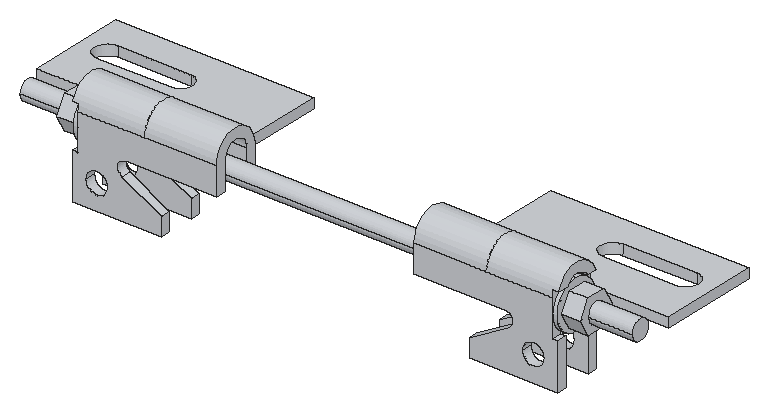
Revit family "Trägeranbindung IB vertikal, Typ D III", category HLS-Bauteile, Revit 2023
Family settings
  Bemaßung runder Anschluss = Durchmesser verwenden
  Teiletyp = Normal
  Arbeitsebenenbasiert = Ja
  Immer vertikal = Nein
  Beim Laden mit Abzugskörper schneiden = Nein
  Beschriftungsausrichtung beibehalten = Nein
  Gemeinsam genutzt = Ja
  Raumberechnungspunkt = Nein
Parameters (values of type "Trägeranbindung IB vertikal, Typ D III")
  vpe = "1"
  min. Klemmdicke = "8 mm"
  max. Klemmweite = "220 mm"
  max. Klemmstärke = 0 mm
  max Klemmdicke = 15 mm
  Default Elevation = 1219.2 mm
  Typ = "D III"
  Regelhalter [instance] = ""
  Oberflaeche = "feuerstückverzinkt"
  Mengeneinheit = "St"
  Materialname = "S235"
  Material = "Stahl"
  Länge Gewindestange = 310 mm
  Kurztext2 = "Typ D III Klemmdicke 8 - 15 mm"
  Kurztext1 = "Trägeranbindung IB C-Profil 45"
  Klemmweite Flansch min. = 100 mm
  Klemmweite Flansch max. = 220 mm
  Klemmweite Flansch [instance] = 200 mm
  Klemmweite = "100-220 mm"
  Gewindestangentyp = "M12x310"
  Gewicht pro Bauteil = Gewicht  # 1.132 kg
  Gewicht = 1.132 kg
  Firma = "MEFA Befestigungs- und Montagesysteme GmbH"
  Fabrikat = "MEFA"
  EAN = "4250928420084"
  Artikelnummer = "08146103"
  AB [instance] = Klemmweite Flansch - Klemmweite Flansch min.  # 100 mm
Reference planes
  plane 1 "Mitte (Vorne/hinten)": y = 0
  plane 2: z = 0
  plane 3 "Mitte (Links/rechts)": x = 0
  plane 4: z = 6.5
  plane 5: x = -50
  plane 6: x = 50
  plane 7: x = 100
  plane 8: x = -100
Dimensions and locks
  equal spacing: plane 6, plane 3 "Mitte (Links/rechts)", plane 5
  "AB": plane 6 to plane 5
  equal spacing: plane 8, plane 3 "Mitte (Links/rechts)", plane 7
  "Klemmweite Flansch": plane 8 to plane 7
  aligned and locked: level to plane 2
  aligned and locked: plane 1 "Mitte (Vorne/hinten)" to nested 1
  aligned and locked: plane 3 "Mitte (Links/rechts)" to nested 1
  aligned and locked: plane 4 to nested 1
  aligned and locked: level to nested 2
  aligned and locked: nested 2 to plane 5
  aligned and locked: plane 6 to nested 3
  aligned and locked: plane 4 to nested 3
  aligned and locked: plane 1 "Mitte (Vorne/hinten)" to nested 2
  aligned and locked: nested 3 to plane 1 "Mitte (Vorne/hinten)"
Nested families
  nested 1: "Gewindestange" at (0, 0, 6.5), Länge <- "Länge Gewindestange", type "Gewindestange M12x310 mm"
    with Regelhalter "", Länge 310 mm
  nested 2: "Trägeranbindung rechts IB12" at (-86.5, 12, -28.006) x (-1, 0, 0) z (0, -1, 0), type "Trägeranbindung rechts IB12"
    with Regelhalter ""
  nested 3: "Trägeranbindung rechts IB12" at (86.5, 12, -28.006) x (1, 0, 0) z (0, -1, 0), type "Trägeranbindung rechts IB12"
    with Regelhalter ""
Definition of nested family "Gewindestange"
  Parameters (values of type "Gewindestange M12x310 mm")
    vpe = "25"
    min. Klemmdicke = ""
    max. zul. Schublast = 0.00 kN
    max. zul. Last Zug = 0.00 kN
    max. Klemmstärke = 0 mm
    max Klemmdicke = 0 mm
    Default Elevation = 0 mm
    Typ = ""
    Regelhalter [instance] = ""
    Oberflaeche = "galvanisch verzinkt"
    Mengeneinheit = "St"
    Materialname = ""
    Material = "Stahl"
    Länge [instance] = 1000 mm
    Kurztext2 = "M12 x 1.000 mm gvz FK 4.6"
    Kurztext1 = "Gewindestange DIN 976-1"
    Klemmweite = ""
    Gewindestangentyp = ""
    Gewinde = "M12"
    Gewicht = 0.735 kg
    Firma = "MEFA Befestigungs- und Montagesysteme GmbH"
    Festigkeitsklasse = "4.6"
    Fabrikat = "MEFA"
    EAN = "4250928416476"
    D = 9.9 mm
    Bund = "25 St"
    Artikelnummer = "0730122"
  Reference planes
    plane 1 "Mitte (Vorne/hinten)": y = 0
    plane 2: z = 0
    plane 3 "Mitte (Links/rechts)": x = 0
    plane 4: x = 0
    plane 5: x = 500
    plane 6: x = -500
  Forms (mm)
    Extrusion 1, solid
      sketch origin (0, 0, 0) x (0, 1, 0) y (0, 0, 1)
        loop
          circle (0, 0) r 4.95
      from -500 to 500
  Lines and regions (mm)
    model lines, not visible
      curve 1: line (36.259, 0, 0) -> (-38.741, 0, 0)
      curve 2: line (175.372, 0, 0) -> (130.372, 0, 0)
      curve 3: line (-124.748, 0, 0) -> (-179.748, 0, 0)
  Dimensions and locks
    "Länge": plane 6 to plane 5
    equal spacing: plane 6, plane 4, plane 5
    "D": diameter of Extrusion 1 sketch curve
    aligned and locked: level to plane 2
    aligned and locked: curve 1 to level
    aligned and locked: curve 2 to level
    aligned and locked: curve 3 to level
    aligned and locked: plane 4 to plane 3 "Mitte (Links/rechts)"
    aligned and locked: Extrusion 1 to plane 5
    aligned and locked: plane 6 to Extrusion 1
  Automatic sketch dimensions
    curve 3 to plane 3 "Mitte (Links/rechts)" = 179.748 mm
    curve 3 to curve 3 = 55 mm
    curve 1 to plane 3 "Mitte (Links/rechts)" = 38.741 mm
    plane 3 "Mitte (Links/rechts)" to curve 1 = 36.259 mm
    curve 1 to curve 2 = 94.114 mm
    curve 2 to curve 2 = 45 mm
    Extrusion 1 sketch curve to level = 0 mm
    Extrusion 1 sketch curve to plane 1 "Mitte (Vorne/hinten)" = 0 mm
Definition of nested family "Trägeranbindung rechts IB12"
  Parameters (values of type "Trägeranbindung rechts IB12")
    Default Elevation = 1219.2 mm
    Regelhalter [instance] = ""
    Firma = "MEFA Befestigungs- und Montagesysteme GmbH"
  Reference planes
    plane 1 "Mitte (Vorne/hinten)": y = 0
    plane 2: z = 0
    plane 3 "Mitte (Links/rechts)": x = 0
    plane 4: y = -20.006
    plane 5: y = -24.006
    plane 6: x = 9.522
    plane 7: x = 24
    plane 8: y = -13.006
    plane 9: z = 12
    plane 10: y = -42.05
    plane 11: y = -23.506
    plane 12: y = -38.215
    plane 13: x = -26.5
    plane 14: x = -36.5
    plane 15: y = -32.006
    plane 16: y = -28.006
    plane 17: y = -34.506
  Forms (mm)
    Sweep 1, solid
      path origin (0, 0, 0) x (0, 1, 0) y (0, 0, 1)
        loop
          line (0, 0) -> (-42.05, 0)
          arc (-42.05, 0) -> (-54.05, 12) -> (-42.05, 24) r 12
          line (-42.05, 24) -> (0, 24)
      profile origin (0, -21.025, 0) x (0, 0, -1) y (1, 0, 0)
        loop
          line (0, 0) -> (0, 36.5) -> (-5, 36.5) -> (-5, -36.5) -> (0, -36.5) -> (0, 0)
    Extrusion 2, void
      sketch origin (0, 0, 0) x (1, 0, 0) y (0, 1, 0)
        loop
          line (-36.5, 0) -> (-36.5, -28.006) -> (9.522, -28.006)
          arc (9.522, -28.006) -> (13.418, -24.911) -> (11.285, -20.416) r 4
          line (11.285, -20.416) -> (-8.543, -8.968) -> (-8.543, 0) -> (-36.5, 0)
      from 0 to 50
    Extrusion 3, void
      sketch origin (0, 0, 0) x (1, 0, 0) y (0, 1, 0)
        loop
          circle (24, -13.006) r 5.5
      from 0 to 50
    Extrusion 4, void
      sketch origin (0, 0, 0) x (1, 0, 0) y (0, 1, 0)
        loop
          line (36.5, -23.506) -> (33.5, -23.506) -> (33.5, -45.506) -> (36.5, -45.506) -> (36.5, -23.506)
      from 0 to 50
  Cuts and joins
    Extrusion 2, Extrusion 3, Extrusion 4 cuts Sweep 1
  Dimensions and locks
    plane 1 "Mitte (Vorne/hinten)" to plane 8 = 13.006 mm
    equal spacing: plane 11, plane 17, cut or joined group of Sweep 1, Extrusion 2, Extrusion 3, Extrusion 4, locked at 11 each
    aligned and locked: level to plane 2
    aligned and locked: Extrusion 2 sketch curve to Sweep 1
    aligned and locked: plane 14 to cut or joined group of Sweep 1, Extrusion 2, Extrusion 3, Extrusion 4
    aligned and locked: level to nested 1
    aligned and locked: plane 13 to nested 1  (x2)
    aligned and locked: plane 16 to cut or joined group of Sweep 1, Extrusion 2, Extrusion 3, Extrusion 4
    aligned and locked: nested 1 to plane 15
    aligned and locked: nested 2 to plane 17
    aligned and locked: plane 9 to nested 2
    aligned and locked: nested 3 to plane 17
    aligned and locked: nested 3 to nested 2
    aligned and locked: plane 9 to nested 3
  Automatic sketch dimensions
    Sweep 1 sketch curve to level = 0 mm
    Sweep 1 sketch curve to plane 10 = 0 mm
    Sweep 1 sketch curve to plane 1 "Mitte (Vorne/hinten)" = 0 mm  (x2)
    Sweep 1 sketch curve to plane 9 = 0 mm
    Sweep 1 sketch curve to plane 3 "Mitte (Links/rechts)" = 0 mm
    Sweep 1 sketch curve to profile plane = 0 mm
    profile plane to Sweep 1 sketch curve = 5 mm
    Sweep 1 sketch curve to plane 3 "Mitte (Links/rechts)" = 36.5 mm
    plane 3 "Mitte (Links/rechts)" to Sweep 1 sketch curve = 36.5 mm
    plane 1 "Mitte (Vorne/hinten)" to Extrusion 2 sketch curve = 0 mm
    Extrusion 2 sketch curve to plane 6 = 0 mm
    Extrusion 2 sketch curve to plane 16 = 0 mm
    Extrusion 2 sketch curve to plane 5 = 0 mm
    plane 8 to Extrusion 2 sketch curve = 4.038 mm
    Extrusion 2 sketch curve to plane 3 "Mitte (Links/rechts)" = 8.543 mm
    Extrusion 2 sketch curve to plane 4 = 0.41 mm
    Extrusion 3 sketch curve to plane 7 = 0 mm
    Extrusion 3 sketch curve to plane 8 = 0 mm
    Extrusion 4 sketch curve to plane 11 = 0 mm
    plane 7 to Extrusion 4 sketch curve = 9.5 mm
    Extrusion 4 sketch curve to Extrusion 4 sketch curve = 3 mm
    Extrusion 4 sketch curve to plane 10 = 3.456 mm
    radius of Extrusion 3 sketch curve = 5.5 mm
  Nested families
    nested 1: "Lasche" at (73.5, -32.006, -50), type "Lasche"
    nested 2: "Unterlegscheibe M12" at (33.5, -34.506, 12), type "U-Scheibe M 12"
    nested 3: "6kt-Mutter M12 seite Ansicht" at (36, -34.506, 12), type "Mutter M6"
  Definition of nested family "Lasche"
    Parameters (values of type "Lasche")
      Default Elevation = 0 mm
      Regelhalter [instance] = ""
      Firma = "MEFA Befestigungs- und Montagesysteme GmbH"
    Reference planes
      plane 1 "Mitte (Vorne/hinten)": y = 0
      plane 2: z = 0
      plane 3 "Mitte (Links/rechts)": x = 0
      plane 4: z = 22.5
      plane 5: x = -32
      plane 6: z = 29
      plane 7: z = 16
      plane 8: x = -13.5
      plane 9: x = -50.5
    Forms (mm)
      Extrusion 1, solid
        sketch origin (0, 0, 0) x (1, 0, 0) y (0, 0, 1)
          loop
            line (0, 0) -> (0, 50) -> (-100, 50) -> (-100, 0) -> (0, 0)
        from 0 to 5
      Extrusion 2, void
        sketch origin (0, 0, 0) x (1, 0, 0) y (0, 0, 1)
          loop
            line (-13.5, 29) -> (-50.5, 29)
            arc (-50.5, 29) -> (-57, 22.5) -> (-50.5, 16) r 6.5
            line (-50.5, 16) -> (-13.5, 16)
            arc (-13.5, 16) -> (-7, 22.5) -> (-13.5, 29) r 6.5
        from 0 to 5
    Cuts and joins
      Extrusion 2 cuts Extrusion 1
    Dimensions and locks
      aligned and locked: level to plane 2
      aligned and locked: plane 2 to Extrusion 1 sketch curve
      aligned and locked: Extrusion 1 sketch curve to plane 3 "Mitte (Links/rechts)"
  Definition of nested family "Unterlegscheibe M12"
    Parameters (values of type "U-Scheibe M 12")
      d2 = 13 mm
      d1 = 24 mm
      Default Elevation = 0 mm
      Regelhalter [instance] = ""
      H = 2.5 mm
      Firma = "MEFA Befestigungs- und Montagesysteme GmbH"
    Reference planes
      plane 1 "Mitte (Vorne/hinten)": y = 0
      plane 2: z = 0
      plane 3 "Mitte (Links/rechts)": x = 0
      plane 4: x = 2.5
    Forms (mm)
      Extrusion 1, solid
        sketch origin (0, 0, 0) x (0, 1, 0) y (0, 0, 1)
          loop
            circle (0, 0) r 12
        from 0 to 2.5
      Extrusion 2, void
        sketch origin (0, 0, 0) x (0, 1, 0) y (0, 0, 1)
          loop
            circle (0, 0) r 6.5
        from 0 to 2.5
    Cuts and joins
      Extrusion 2 cuts Extrusion 1
    Dimensions and locks
      "H": plane 3 "Mitte (Links/rechts)" to plane 4
      "d1": diameter of Extrusion 1 sketch curve
      "d2": diameter of Extrusion 2 sketch curve
      aligned and locked: level to plane 2
      aligned and locked: cut or joined group of Extrusion 1, Extrusion 2 to plane 3 "Mitte (Links/rechts)"
      aligned and locked: cut or joined group of Extrusion 1, Extrusion 2 to plane 4
    Automatic sketch dimensions
      Extrusion 1 sketch curve to level = 0 mm
      Extrusion 1 sketch curve to plane 1 "Mitte (Vorne/hinten)" = 0 mm
      Extrusion 2 sketch curve to level = 0 mm
      Extrusion 2 sketch curve to plane 1 "Mitte (Vorne/hinten)" = 0 mm
  Definition of nested family "6kt-Mutter M12 seite Ansicht"
    Parameters (values of type "Mutter M6")
      Default Elevation = 0 mm
      Regelhalter [instance] = ""
      Lochung = 10.2 mm
      H = 10 mm
      Firma = "MEFA Befestigungs- und Montagesysteme GmbH"
      F2 = 19 mm
    Reference planes
      plane 1 "Center (Front/Back)": y = 0
      plane 2: z = 0
      plane 3 "Center (Left/Right)": x = 0
    Forms (mm)
      Extrusion 1, solid
        sketch origin (0, 0, 0) x (0, 1, 0) y (0, 0, 1)
          loop
            line (-8.542, -4.932) -> (0, -9.864) -> (8.542, -4.932) -> (8.542, 4.932) -> (0, 9.864) -> (-8.542, 4.932) -> (-8.542, -4.932)
        from 0 to 10
      Extrusion 2, void
        sketch origin (0, 0, 0) x (0, 1, 0) y (0, 0, 1)
          loop
            circle (0, 0) r 5.1
        from 0 to 10
    Cuts and joins
      Extrusion 2 cuts Extrusion 1
    Dimensions and locks
      "Lochung": diameter of Extrusion 2 sketch curve
      aligned and locked: level to plane 2
    Automatic sketch dimensions
      Extrusion 1 sketch curve to plane 1 "Center (Front/Back)" = 0 mm  (x2)
      plane 1 "Center (Front/Back)" to Extrusion 1 sketch curve = 8.542 mm
      Extrusion 1 sketch curve to plane 1 "Center (Front/Back)" = 8.542 mm
      Extrusion 1 sketch curve to level = 9.864 mm
      Extrusion 1 sketch curve to level = 4.932 mm  (x2)
      level to Extrusion 1 sketch curve = 4.932 mm  (x2)
      Extrusion 1 sketch curve to Extrusion 1 sketch curve = 4.932 mm
      Extrusion 2 sketch curve to level = 0 mm
      Extrusion 2 sketch curve to plane 1 "Center (Front/Back)" = 0 mm
